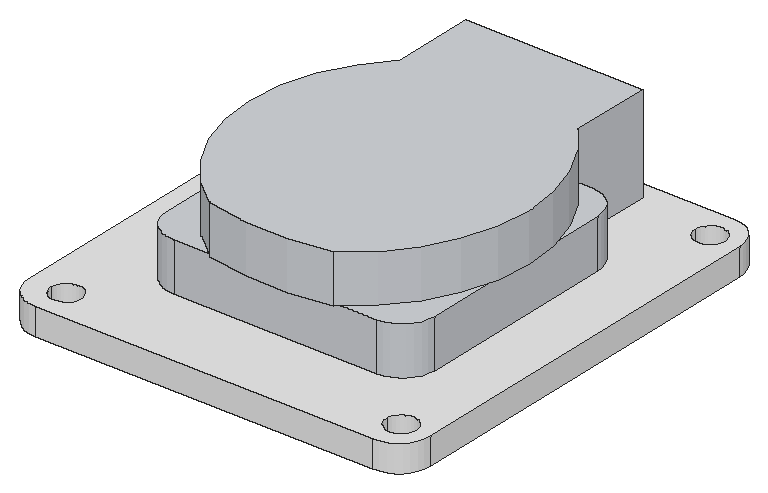
Revit family "Building-IEC309Connections-GEWISS-IEC309HP-10°_FLUSH-MOUNT_SOCKET_FRENCH_STD", category Apparecchi elettrici, host Superficie, Revit 2019
Family settings
  Host = Superficie
  Mantenere orientamento annotazione = Sì
  Quota connettore circolare = Usa diametro
  Tipo di parte = Normale
  Taglio con vuoti quando caricato = No
  Condiviso = No
  Punto di calcolo locali = Sì
Parameters (values of type "GW62394 - FRANCE IP54 S.O. WITH FLANGE")
  simbolo acceso [instance] = yes
  distanza_simbolo [instance] = 1 mm
  distanza dal piano [instance] = 0 mm
  W = 115 mm  # constant formula
  Version file RFA = "21.11"
  URL = "https://www.gewiss.com/ww/en"
  Type of wiring = "With screw"
  Thermo-pressure with ball = "125 °C (active parts) - 80 °C (passive parts)"
  Technical sheet = "https://www.gewiss.com/ww/en/search?q=GW62394"
  Standard: = "French"
  Spostamento_effettivo_S [instance] = 4000 mm - Spostamento_S  # 3043.5 mm
  Spostamento_S = 956.5 mm
  Sportello_visibile = yes
  SPinotto = Default(2)
  SEO = "Socket outlet"
  Realized by GEWISS S.p.A. = ""
  Rated voltage = "230V"
  Rated current (A) = "16"
  Prospetto di default = 500 mm
  Produttore = "GEWISS S.p.A."
  Product in stock = ""
  Piastra = Default(2)
  Operating temperature: = "-25 +55 °C"
  No. of poles = "2P+E"
  Modello = "GW62394"
  L = 155 mm  # constant formula
  Immagine tipo = <Nessuno>
  IP degree = "IP54"
  IDT = "352582b9d6f34e52b9ed5e1fa65b8919"
  IDF = "65b9bbc2-6d20-4e3d-b48d-4849ab76a026"
  Glow wire test: = "850 °C (active parts) - 650 °C (passive parts)"
  Frequency = "50/60 Hz"
  Flange dimensions (mm) = "50x50"
  FORMULA = 1000 mm * 1  # 1000 mm
  Descrizione = "FRANCE IP54 S.O. WITH FLANGE"
  Corpo centrale = Default(2)
  Colour: = "Blue"
  Catalogue = "BUILDING"
  COBie.Tagnumber = ""
  COBie.CreatedOn = ""
  COBie.CreatebBy = ""
  COBie.ComponentRegisterItemID = ""
  COBie.Component.TagNumber = ""
  COBie.Component.Space = ""
  COBie.Component.SerialNumber = ""
  COBie.Component.InstallationDate = ""
  COBie.Component.Description = ""
  COBie.Component.BarCode = ""
  BLOCCO = "B=C"
Reference planes
  plane 1 "Centro (Fronte/Retro)": y = 0
  plane 2: z = 0
  plane 3 "Centro (Sinistra/Destra)": x = 0
  plane 4: x = -3000
  plane 5: x = 43.5
  plane 6: z = 0
Dimensions and locks
  plane 4 to plane 3 "Centro (Sinistra/Destra)" = 3000 mm
  "Spostamento_effettivo_S": plane 4 to plane 5
  "distanza dal piano": plane 6 to plane 2
  aligned and locked: plane 2 to host face
  aligned and locked: level to host face
  aligned and locked: nested 1 to plane 5
  aligned and locked: plane 1 "Centro (Fronte/Retro)" to nested 2
  aligned and locked: plane 3 "Centro (Sinistra/Destra)" to nested 2
Automatic sketch dimensions
  host sketch curve to host sketch curve = 2438.4 mm  (x2)
Nested families
  nested 1: "GWGW62201FH - SIMBOLO_PRESA" at (43.5, 171.559, 0), visible <- "simbolo acceso", Distanza dal muro <- "distanza_simbolo", type "3P"
    with SIMBOLO ACCESO yes, Distanza dal muro 1 mm
  nested 2: "IEC309 PRESA FISSA INCASSO STANDARD TEDESCO 16A_base" at (0, 0, 0), type "IEC309 PRESA FISSA INCASSO STANDARD TEDESCO 16A_base"
Definition of nested family "IEC309 PRESA FISSA INCASSO STANDARD TEDESCO 16A_base"
  Parameters (values of type "IEC309 PRESA FISSA INCASSO STANDARD TEDESCO 16A_base")
    sp_ghiera = 16 mm
    h = 84 mm  # constant formula
    dis_base = 71 mm
    Sportello = yes
    Spinotto = none
    PIASTRA = none
    CENTRALE = none
    Bsae = 75 mm  # constant formula
  Reference planes
    plane 1 "Centro (Fronte/Retro)": y = 0
    plane 2: z = 0
    plane 3 "Centro (Sinistra/Destra)": x = 0
    plane 4: x = 75
    plane 5: y = 84
    plane 6: z = 5
    plane 7: x = 13.244
    plane 8: y = 15.586
    plane 9: y = 65.605
    plane 10: x = 63.263
    plane 11: z = 14.044
    plane 12: z = 23.044
  Forms (mm)
    Extrusion 1, solid, material <- "PIASTRA"
      sketch origin (0, 0, 0) x (1, 0, 0) y (0, 1, 0)
        loop
          line (0, 78) -> (0, 6)
          arc (0, 6) -> (1.757, 1.757) -> (6, 0) r 6
          line (6, 0) -> (69, 0)
          arc (69, 0) -> (73.243, 1.757) -> (75, 6) r 6
          line (75, 6) -> (75, 78)
          arc (75, 78) -> (73.243, 82.243) -> (69, 84) r 6
          line (69, 84) -> (6, 84)
          arc (6, 84) -> (1.757, 82.243) -> (0, 78) r 6
      from 0 to 5
    Extrusion 2, solid
      sketch origin (0, 0, 0) x (1, 0, 0) y (0, 1, 0)
        loop
          arc (19.244, 65.605) -> (15.002, 63.847) -> (13.244, 59.605) r 6
          line (13.244, 59.605) -> (13.244, 21.586)
          arc (13.244, 21.586) -> (15.002, 17.343) -> (19.244, 15.586) r 6
          line (19.244, 15.586) -> (57.263, 15.586)
          arc (57.263, 15.586) -> (61.506, 17.343) -> (63.263, 21.586) r 6
          line (63.263, 21.586) -> (63.263, 59.605)
          arc (63.263, 59.605) -> (61.506, 63.847) -> (57.263, 65.605) r 6
          line (57.263, 65.605) -> (19.244, 65.605)
      from 5 to 14.044
    Extrusion 3, void
      sketch origin (0, 0, 0) x (1, 0, 0) y (0, 1, 0)
        loop
          circle (6.956, 78.02) r 2.851
        loop
          circle (69.552, 78.02) r 2.851
        loop
          circle (6.956, 5.98) r 2.851
        loop
          circle (69.552, 5.98) r 2.851
      from 0 to 5
    Extrusion 4, solid
      sketch origin (0, 0, 0) x (1, 0, 0) y (0, 1, 0)
        loop
          line (21.741, 80.673) -> (21.741, 65.605)
          arc (21.741, 65.605) -> (12.323, 39.096) -> (26.662, 14.893) r 33.157
          arc (26.662, 14.893) -> (38.254, 13.587) -> (49.846, 14.893) r 52.094
          arc (49.846, 14.893) -> (64.185, 39.096) -> (54.767, 65.605) r 33.157
          line (54.767, 65.605) -> (54.767, 80.673) -> (21.741, 80.673)
      from 14.044 to 23.044
    Extrusion 5, solid
      sketch origin (0, 0, 0) x (1, 0, 0) y (0, 1, 0)
        loop
          line (54.767, 80.673) -> (21.741, 80.673) -> (21.741, 65.605) -> (54.767, 65.605) -> (54.767, 80.673)
      from 5 to 23.044
  Cuts and joins
    Extrusion 3 cuts Extrusion 1
    joined: Extrusion 4, Extrusion 5
  Dimensions and locks
    "Bsae": plane 3 "Centro (Sinistra/Destra)" to plane 4
    "h": plane 1 "Centro (Fronte/Retro)" to plane 5
    locked: plane 6 to level at 5
    locked: plane 5 to plane 9 at 18.395
    locked: plane 3 "Centro (Sinistra/Destra)" to plane 7 at 13.244
    locked: plane 10 to plane 4 at 11.737
    locked: plane 1 "Centro (Fronte/Retro)" to plane 8 at 15.586
    locked: plane 11 to plane 6 at 9.044
    plane 1 "Centro (Fronte/Retro)" to Extrusion 4 = 80.673 mm
    locked: plane 12 to plane 11 at 9
    plane 11 to plane 6 = 9.044 mm
    radius of Extrusion 1 sketch curve = 6 mm  (x4)
    radius of Extrusion 2 sketch curve = 6 mm  (x4)
    aligned and locked: level to plane 2
    aligned and locked: Extrusion 1 sketch curve to plane 3 "Centro (Sinistra/Destra)"
    aligned and locked: Extrusion 1 sketch curve to plane 5
    aligned and locked: Extrusion 1 sketch curve to plane 4
    aligned and locked: Extrusion 1 sketch curve to plane 1 "Centro (Fronte/Retro)"
    aligned and locked: plane 6 to Extrusion 1
    aligned and locked: Extrusion 2 sketch curve to plane 9
    aligned and locked: Extrusion 2 sketch curve to plane 10
    aligned and locked: Extrusion 2 sketch curve to plane 7
    aligned and locked: Extrusion 2 to plane 6
    aligned and locked: plane 11 to Extrusion 2
    aligned and locked: plane 12 to Extrusion 4
    aligned and locked: Extrusion 4 to Extrusion 2
    aligned and locked: Extrusion 1 to Extrusion 3
    aligned and locked: Extrusion 5 sketch curve to Extrusion 4  (x3)
    aligned and locked: Extrusion 5 sketch curve to plane 9
    aligned and locked: Extrusion 5 to plane 6
    aligned and locked: plane 12 to Extrusion 5
  Automatic sketch dimensions
    plane 8 to Extrusion 2 sketch curve = 0 mm
    Extrusion 3 sketch curve to plane 7 = 6.288 mm  (x2)
    plane 4 to Extrusion 3 sketch curve = 5.448 mm  (x2)
    Extrusion 3 sketch curve to plane 1 "Centro (Fronte/Retro)" = 5.98 mm  (x2)
    Extrusion 3 sketch curve to plane 5 = 5.98 mm  (x2)
    Extrusion 4 sketch curve to plane 9 = 0 mm
    Extrusion 4 sketch curve to plane 5 = 3.327 mm
    plane 7 to Extrusion 4 sketch curve = 8.497 mm
    plane 7 to Extrusion 4 sketch curve = 17.938 mm
    plane 9 to Extrusion 4 sketch curve = 0.076 mm
    Extrusion 4 sketch curve to Extrusion 4 sketch curve = 16.513 mm
    Extrusion 4 sketch curve to Extrusion 4 sketch curve = 14.144 mm
    plane 10 to Extrusion 4 sketch curve = 8.497 mm
    Extrusion 4 sketch curve to plane 9 = 23.306 mm
    Extrusion 4 sketch curve to Extrusion 4 sketch curve = 0 mm
    plane 9 to Extrusion 4 sketch curve = 0 mm
    plane 8 to Extrusion 4 sketch curve = 0.693 mm
    radius of Extrusion 3 sketch curve = 2.851 mm  (x4)
Definition of nested family "GWGW62201FH - SIMBOLO_PRESA"
  Parameters (values of type "3P")
    SIMBOLO ACCESO [instance] = yes
    Distanza dal muro [instance] = 0 mm
  Reference planes
    plane 1: y = 0
    plane 2: x = 0
  Dimensions and locks
    "Distanza dal muro": plane 1 to nested 1
    aligned and locked: plane 2 to nested 1
  Nested families
    nested 1: "GWGW62201FH - SIMBOLO" at (0, 0, 0), visible <- "SIMBOLO ACCESO", type "3P"
  Definition of nested family "GWGW62201FH - SIMBOLO"
    Parameters (values of type "3P")
      CORNICE SIMBOLO [instance] = yes
      3P = yes
    Reference planes
      plane 1: y = 0
      plane 2: x = 0
    Lines and regions (mm)
      detail lines
        curve 1: circle (-0.314, 0.674, 0) r 0.057 normal (0, 0, 1)
        curve 2: arc (0.346, -0.009, 0) -> (0, 0.337, 0) -> (-0.346, -0.009, 0) r 0.346
        curve 3: line (0, 0.337, 0) -> (0.346, 0.337, 0)
        curve 4: line (0, 3.386, 0) -> (0, 0.337, 0)
        curve 5: line (0, 0.337, 0) -> (-0.314, 0.674, 0)
